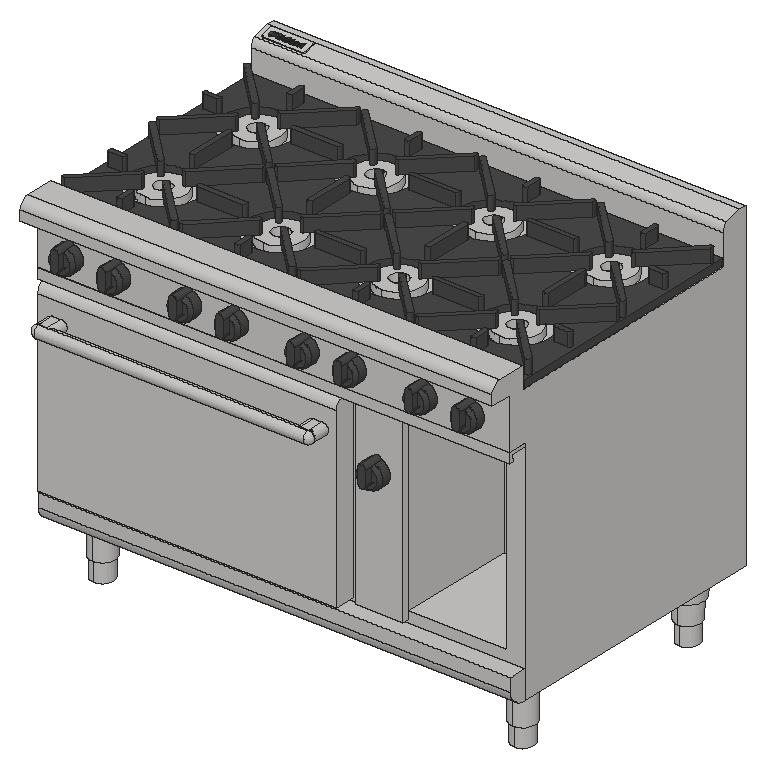
Revit family "QF_MOFFAT WALDORF_RNL8810GC", category Specialty Equipment, Revit 2012 (continued)
Lines and regions (mm)
  Split face 14
    outline origin (270, -16.5, 970) x (0, -0.965926, -0.258819) y (1, 0, 0)
      loop
        line (29.558, 230.5) -> (1.962, 230.5) -> (1.962, 210.5) -> (29.558, 210.5) -> (29.558, 230.5)
  Split face 15
    outline origin (270, -16.5, 970) x (0, -0.965926, -0.258819) y (1, 0, 0)
      loop
        line (29.558, 257.5) -> (1.962, 257.5) -> (1.962, 237.5) -> (29.558, 237.5) -> (29.558, 257.5)
  Split face 16
    outline origin (324, -16.5, 970) x (0, -0.965926, -0.258819) y (1, 0, 0)
      loop
        line (29.558, 230.5) -> (1.962, 230.5) -> (1.962, 210.5) -> (29.558, 210.5) -> (29.558, 230.5)
  Split face 17
    outline origin (324, -16.5, 970) x (0, -0.965926, -0.258819) y (1, 0, 0)
      loop
        line (29.558, 257.5) -> (1.962, 257.5) -> (1.962, 237.5) -> (29.558, 237.5) -> (29.558, 257.5)
  Split face 18
    outline origin (405, -16.5, 970) x (0, -0.965926, -0.258819) y (1, 0, 0)
      loop
        line (29.558, 203.5) -> (1.962, 203.5) -> (1.962, 183.5) -> (29.558, 183.5) -> (29.558, 203.5)
  Split face 19
    outline origin (405, -16.5, 970) x (0, -0.965926, -0.258819) y (1, 0, 0)
      loop
        line (29.558, 230.5) -> (1.962, 230.5) -> (1.962, 210.5) -> (29.558, 210.5) -> (29.558, 230.5)
  Split face 20
    outline origin (405, -16.5, 970) x (0, -0.965926, -0.258819) y (1, 0, 0)
      loop
        line (29.558, 257.5) -> (1.962, 257.5) -> (1.962, 237.5) -> (29.558, 237.5) -> (29.558, 257.5)
  Split face 21
    outline origin (459, -16.5, 970) x (0, -0.965926, -0.258819) y (1, 0, 0)
      loop
        line (29.558, 230.5) -> (1.962, 230.5) -> (1.962, 210.5) -> (29.558, 210.5) -> (29.558, 230.5)
  Split face 22
    outline origin (459, -16.5, 970) x (0, -0.965926, -0.258819) y (1, 0, 0)
      loop
        line (29.558, 257.5) -> (1.962, 257.5) -> (1.962, 237.5) -> (29.558, 237.5) -> (29.558, 257.5)
  Split face 23
    outline origin (540, -16.5, 970) x (0, -0.965926, -0.258819) y (1, 0, 0)
      loop
        line (29.558, 203.5) -> (1.962, 203.5) -> (1.962, 183.5) -> (29.558, 183.5) -> (29.558, 203.5)
  Split face 24
    outline origin (540, -16.5, 970) x (0, -0.965926, -0.258819) y (1, 0, 0)
      loop
        line (29.558, 230.5) -> (1.962, 230.5) -> (1.962, 210.5) -> (29.558, 210.5) -> (29.558, 230.5)
  Split face 25
    outline origin (540, -16.5, 970) x (0, -0.965926, -0.258819) y (1, 0, 0)
      loop
        line (29.558, 257.5) -> (1.962, 257.5) -> (1.962, 237.5) -> (29.558, 237.5) -> (29.558, 257.5)
  Split face 26
    outline origin (594, -16.5, 970) x (0, -0.965926, -0.258819) y (1, 0, 0)
      loop
        line (29.558, 230.5) -> (1.962, 230.5) -> (1.962, 210.5) -> (29.558, 210.5) -> (29.558, 230.5)
  Split face 27
    outline origin (594, -16.5, 970) x (0, -0.965926, -0.258819) y (1, 0, 0)
      loop
        line (29.558, 257.5) -> (1.962, 257.5) -> (1.962, 237.5) -> (29.558, 237.5) -> (29.558, 257.5)
  Split face 28
    outline origin (648, -16.5, 970) x (0, -0.965926, -0.258819) y (1, 0, 0)
      loop
        line (29.558, 230.5) -> (1.962, 230.5) -> (1.962, 210.5) -> (29.558, 210.5) -> (29.558, 230.5)
  Split face 29
    outline origin (648, -16.5, 970) x (0, -0.965926, -0.258819) y (1, 0, 0)
      loop
        line (29.558, 257.5) -> (1.962, 257.5) -> (1.962, 237.5) -> (29.558, 237.5) -> (29.558, 257.5)
  Split face 30
    outline origin (702, -16.5, 970) x (0, -0.965926, -0.258819) y (1, 0, 0)
      loop
        line (29.558, 230.5) -> (1.962, 230.5) -> (1.962, 210.5) -> (29.558, 210.5) -> (29.558, 230.5)
  Split face 31
    outline origin (702, -16.5, 970) x (0, -0.965926, -0.258819) y (1, 0, 0)
      loop
        line (29.558, 257.5) -> (1.962, 257.5) -> (1.962, 237.5) -> (29.558, 237.5) -> (29.558, 257.5)
  Split face 32
    outline origin (756, -16.5, 970) x (0, -0.965926, -0.258819) y (1, 0, 0)
      loop
        line (29.558, 230.5) -> (1.962, 230.5) -> (1.962, 210.5) -> (29.558, 210.5) -> (29.558, 230.5)
  Split face 33
    outline origin (756, -16.5, 970) x (0, -0.965926, -0.258819) y (1, 0, 0)
      loop
        line (29.558, 257.5) -> (1.962, 257.5) -> (1.962, 237.5) -> (29.558, 237.5) -> (29.558, 257.5)
  Split face 34
    outline origin (810, -16.5, 970) x (0, -0.965926, -0.258819) y (1, 0, 0)
      loop
        line (29.558, 230.5) -> (1.962, 230.5) -> (1.962, 210.5) -> (29.558, 210.5) -> (29.558, 230.5)
  Split face 35
    outline origin (810, -16.5, 970) x (0, -0.965926, -0.258819) y (1, 0, 0)
      loop
        line (29.558, 257.5) -> (1.962, 257.5) -> (1.962, 237.5) -> (29.558, 237.5) -> (29.558, 257.5)
  Split face 36
    outline origin (864, -16.5, 970) x (0, -0.965926, -0.258819) y (1, 0, 0)
      loop
        line (29.558, 230.5) -> (1.962, 230.5) -> (1.962, 210.5) -> (29.558, 210.5) -> (29.558, 230.5)
  symbolic lines
    curve 1: line (0, 0, 0) -> (0, -805, 0)
    curve 2: line (1200, 0, 0) -> (0, 0, 0)
    curve 3: line (1200, -805, 0) -> (1200, 0, 0)
    curve 4: line (0, -70, 0) -> (1200, -70, 0)
    curve 5: line (12.5, -51.234, 0) -> (12.5, -20.958, 0)
    curve 6: line (12.5, -20.958, 0) -> (121.5, -20.958, 0)
    curve 7: line (12.5, -51.234, 0) -> (121.5, -51.234, 0)
    curve 8: line (121.5, -20.958, 0) -> (121.5, -51.234, 0)
    curve 9: line (129.583, -22.262, 0) -> (129.583, -50.526, 0)
    curve 10: line (129.583, -50.526, 0) -> (149.583, -50.526, 0)
    curve 11: line (149.583, -50.526, 0) -> (149.583, -22.262, 0)
    curve 12: line (149.583, -22.262, 0) -> (129.583, -22.262, 0)
    curve 13: line (156.5, -22.262, 0) -> (156.5, -50.526, 0)
    curve 14: line (156.5, -50.526, 0) -> (176.5, -50.526, 0)
    curve 15: line (176.5, -50.526, 0) -> (176.5, -22.262, 0)
    curve 16: line (176.5, -22.262, 0) -> (156.5, -22.262, 0)
    curve 17: line (183.5, -22.262, 0) -> (183.5, -50.526, 0)
    curve 18: line (183.5, -50.526, 0) -> (203.5, -50.526, 0)
    curve 19: line (203.5, -50.526, 0) -> (203.5, -22.262, 0)
    curve 20: line (203.5, -22.262, 0) -> (183.5, -22.262, 0)
    curve 21: line (210.5, -22.262, 0) -> (210.5, -50.526, 0)
    curve 22: line (210.5, -50.526, 0) -> (230.5, -50.526, 0)
    curve 23: line (230.5, -50.526, 0) -> (230.5, -22.262, 0)
    curve 24: line (230.5, -22.262, 0) -> (210.5, -22.262, 0)
    curve 25: line (1200, -805, 0) -> (0, -805, 0)
    curve 26: line (237.5, -22.262, 0) -> (237.5, -50.526, 0)
    curve 27: line (237.5, -50.526, 0) -> (257.5, -50.526, 0)
    curve 28: line (257.5, -50.526, 0) -> (257.5, -22.262, 0)
    curve 29: line (257.5, -22.262, 0) -> (237.5, -22.262, 0)
    curve 30: line (1200, -709, 0) -> (0, -709, 0)
    curve 31: line (0, -705.7, 0) -> (1200, -705.7, 0)
    curve 32: line (1200, -72.734, 0) -> (0, -72.734, 0)
    curve 33: arc (22.65, -805, 0) -> (34.104, -815.278, 0) -> (48.889, -819.544, 0) r 34.455
    curve 34: line (48.889, -819.544, 0) -> (718.108, -819.544, 0)
    curve 35: arc (718.108, -819.544, 0) -> (732.653, -815.647, 0) -> (743.3, -805, 0) r 29.089
    curve 36: line (6.08, -94.387, 0) -> (121.515, -209.822, 0)
    curve 37: line (293.92, -94.387, 0) -> (178.485, -209.822, 0)
    curve 38: line (6.08, -380.613, 0) -> (121.515, -265.178, 0)
    curve 39: line (293.92, -380.613, 0) -> (178.485, -265.178, 0)
    curve 40: line (362.78, -237.81, 0) -> (237.78, -237.81, 0)
    curve 41: line (362.78, -537.81, 0) -> (237.78, -537.81, 0)
    curve 42: line (6.08, -394.655, 0) -> (121.515, -510.089, 0)
    curve 43: line (293.92, -394.655, 0) -> (178.485, -510.089, 0)
    curve 44: line (6.08, -680.881, 0) -> (121.515, -565.446, 0)
    curve 45: line (293.92, -680.881, 0) -> (178.485, -565.446, 0)
    curve 46: arc (150, -294.5, 0) -> (207, -237.5, 0) -> (150, -180.5, 0) r 57
    curve 47: arc (150, -180.5, 0) -> (93, -237.5, 0) -> (150, -294.5, 0) r 57
    curve 48: arc (150, -594.5, 0) -> (207, -537.5, 0) -> (150, -480.5, 0) r 57
    curve 49: arc (150, -480.5, 0) -> (93, -537.5, 0) -> (150, -594.5, 0) r 57
    curve 50: line (264.5, -22.262, 0) -> (264.5, -50.526, 0)
    curve 51: line (264.5, -50.526, 0) -> (284.5, -50.526, 0)
    curve 52: line (284.5, -50.526, 0) -> (284.5, -22.262, 0)
    curve 53: line (284.5, -22.262, 0) -> (264.5, -22.262, 0)
    curve 54: line (291.5, -22.262, 0) -> (291.5, -50.526, 0)
    curve 55: line (291.5, -50.526, 0) -> (311.5, -50.526, 0)
    curve 56: line (311.5, -50.526, 0) -> (311.5, -22.262, 0)
    curve 57: line (311.5, -22.262, 0) -> (291.5, -22.262, 0)
    curve 58: line (318.5, -22.262, 0) -> (318.5, -50.526, 0)
    curve 59: line (318.5, -50.526, 0) -> (338.5, -50.526, 0)
    curve 60: line (338.5, -50.526, 0) -> (338.5, -22.262, 0)
    curve 61: line (338.5, -22.262, 0) -> (318.5, -22.262, 0)
    curve 62: line (345.5, -22.262, 0) -> (345.5, -50.526, 0)
    curve 63: line (345.5, -50.526, 0) -> (365.5, -50.526, 0)
    curve 64: line (365.5, -50.526, 0) -> (365.5, -22.262, 0)
    curve 65: line (365.5, -22.262, 0) -> (345.5, -22.262, 0)
    curve 66: line (372.5, -22.262, 0) -> (372.5, -50.526, 0)
    curve 67: line (372.5, -50.526, 0) -> (392.5, -50.526, 0)
    curve 68: line (392.5, -50.526, 0) -> (392.5, -22.262, 0)
    curve 69: line (392.5, -22.262, 0) -> (372.5, -22.262, 0)
    curve 70: line (399.5, -22.262, 0) -> (399.5, -50.526, 0)
    curve 71: line (399.5, -50.526, 0) -> (419.5, -50.526, 0)
    curve 72: line (419.5, -50.526, 0) -> (419.5, -22.262, 0)
    curve 73: line (419.5, -22.262, 0) -> (399.5, -22.262, 0)
    curve 74: line (426.5, -22.262, 0) -> (426.5, -50.526, 0)
    curve 75: line (426.5, -50.526, 0) -> (446.5, -50.526, 0)
    curve 76: line (446.5, -50.526, 0) -> (446.5, -22.262, 0)
    curve 77: line (446.5, -22.262, 0) -> (426.5, -22.262, 0)
    curve 78: line (453.5, -22.262, 0) -> (453.5, -50.526, 0)
    curve 79: line (453.5, -50.526, 0) -> (473.5, -50.526, 0)
    curve 80: line (473.5, -50.526, 0) -> (473.5, -22.262, 0)
    curve 81: line (473.5, -22.262, 0) -> (453.5, -22.262, 0)
    curve 82: line (480.5, -22.262, 0) -> (480.5, -50.526, 0)
    curve 83: line (480.5, -50.526, 0) -> (500.5, -50.526, 0)
    curve 84: line (500.5, -50.526, 0) -> (500.5, -22.262, 0)
    curve 85: line (500.5, -22.262, 0) -> (480.5, -22.262, 0)
    curve 86: line (507.5, -22.262, 0) -> (507.5, -50.526, 0)
    curve 87: line (507.5, -50.526, 0) -> (527.5, -50.526, 0)
    curve 88: line (527.5, -50.526, 0) -> (527.5, -22.262, 0)
    curve 89: line (527.5, -22.262, 0) -> (507.5, -22.262, 0)
    curve 90: line (534.5, -22.262, 0) -> (534.5, -50.526, 0)
    curve 91: line (534.5, -50.526, 0) -> (554.5, -50.526, 0)
    curve 92: line (554.5, -50.526, 0) -> (554.5, -22.262, 0)
    curve 93: line (554.5, -22.262, 0) -> (534.5, -22.262, 0)
    curve 94: line (561.5, -22.262, 0) -> (561.5, -50.526, 0)
    curve 95: line (561.5, -50.526, 0) -> (581.5, -50.526, 0)
    curve 96: line (581.5, -50.526, 0) -> (581.5, -22.262, 0)
    curve 97: line (581.5, -22.262, 0) -> (561.5, -22.262, 0)
    curve 98: line (588.5, -22.262, 0) -> (588.5, -50.526, 0)
    curve 99: line (588.5, -50.526, 0) -> (608.5, -50.526, 0)
    curve 100: line (608.5, -50.526, 0) -> (608.5, -22.262, 0)
    curve 101: line (608.5, -22.262, 0) -> (588.5, -22.262, 0)
    curve 102: line (615.5, -22.262, 0) -> (615.5, -50.526, 0)
    curve 103: line (615.5, -50.526, 0) -> (635.5, -50.526, 0)
    curve 104: line (635.5, -50.526, 0) -> (635.5, -22.262, 0)
    curve 105: line (635.5, -22.262, 0) -> (615.5, -22.262, 0)
    curve 106: line (642.5, -22.262, 0) -> (642.5, -50.526, 0)
    curve 107: line (642.5, -50.526, 0) -> (662.5, -50.526, 0)
    curve 108: line (662.5, -50.526, 0) -> (662.5, -22.262, 0)
    curve 109: line (662.5, -22.262, 0) -> (642.5, -22.262, 0)
    curve 110: line (669.5, -22.262, 0) -> (669.5, -50.526, 0)
    curve 111: line (669.5, -50.526, 0) -> (689.5, -50.526, 0)
    curve 112: line (689.5, -50.526, 0) -> (689.5, -22.262, 0)
    curve 113: line (689.5, -22.262, 0) -> (669.5, -22.262, 0)
    curve 114: line (696.5, -22.262, 0) -> (696.5, -50.526, 0)
    curve 115: line (696.5, -50.526, 0) -> (716.5, -50.526, 0)
    curve 116: line (716.5, -50.526, 0) -> (716.5, -22.262, 0)
    curve 117: line (716.5, -22.262, 0) -> (696.5, -22.262, 0)
    curve 118: line (723.5, -22.262, 0) -> (723.5, -50.526, 0)
    curve 119: line (723.5, -50.526, 0) -> (743.5, -50.526, 0)
    curve 120: line (743.5, -50.526, 0) -> (743.5, -22.262, 0)
    curve 121: line (743.5, -22.262, 0) -> (723.5, -22.262, 0)
    curve 122: line (750.5, -22.262, 0) -> (750.5, -50.526, 0)
    curve 123: line (750.5, -50.526, 0) -> (770.5, -50.526, 0)
    curve 124: line (770.5, -50.526, 0) -> (770.5, -22.262, 0)
    curve 125: line (770.5, -22.262, 0) -> (750.5, -22.262, 0)
    curve 126: line (777.5, -22.262, 0) -> (777.5, -50.526, 0)
    curve 127: line (777.5, -50.526, 0) -> (797.5, -50.526, 0)
    curve 128: line (797.5, -50.526, 0) -> (797.5, -22.262, 0)
    curve 129: line (797.5, -22.262, 0) -> (777.5, -22.262, 0)
    curve 130: line (804.5, -22.262, 0) -> (804.5, -50.526, 0)
    curve 131: line (804.5, -50.526, 0) -> (824.5, -50.526, 0)
    curve 132: line (824.5, -50.526, 0) -> (824.5, -22.262, 0)
    curve 133: line (824.5, -22.262, 0) -> (804.5, -22.262, 0)
    curve 134: line (831.5, -22.262, 0) -> (831.5, -50.526, 0)
    curve 135: line (831.5, -50.526, 0) -> (851.5, -50.526, 0)
    curve 136: line (851.5, -50.526, 0) -> (851.5, -22.262, 0)
    curve 137: line (851.5, -22.262, 0) -> (831.5, -22.262, 0)
    curve 138: line (858.5, -22.262, 0) -> (858.5, -50.526, 0)
    curve 139: line (858.5, -50.526, 0) -> (878.5, -50.526, 0)
    curve 140: line (878.5, -50.526, 0) -> (878.5, -22.262, 0)
    curve 141: line (878.5, -22.262, 0) -> (858.5, -22.262, 0)
    curve 142: line (885.5, -22.262, 0) -> (885.5, -50.526, 0)
    curve 143: line (885.5, -50.526, 0) -> (905.5, -50.526, 0)
    curve 144: line (905.5, -50.526, 0) -> (905.5, -22.262, 0)
    curve 145: line (905.5, -22.262, 0) -> (885.5, -22.262, 0)
    curve 146: line (912.5, -22.262, 0) -> (912.5, -50.526, 0)
    curve 147: line (912.5, -50.526, 0) -> (932.5, -50.526, 0)
    curve 148: line (932.5, -50.526, 0) -> (932.5, -22.262, 0)
    curve 149: line (932.5, -22.262, 0) -> (912.5, -22.262, 0)
    curve 150: line (939.5, -22.262, 0) -> (939.5, -50.526, 0)
    curve 151: line (939.5, -50.526, 0) -> (959.5, -50.526, 0)
    curve 152: line (959.5, -50.526, 0) -> (959.5, -22.262, 0)
    curve 153: line (959.5, -22.262, 0) -> (939.5, -22.262, 0)
    curve 154: line (966.5, -22.262, 0) -> (966.5, -50.526, 0)
    curve 155: line (966.5, -50.526, 0) -> (986.5, -50.526, 0)
    curve 156: line (986.5, -50.526, 0) -> (986.5, -22.262, 0)
    curve 157: line (986.5, -22.262, 0) -> (966.5, -22.262, 0)
    curve 158: line (993.5, -22.262, 0) -> (993.5, -50.526, 0)
    curve 159: line (993.5, -50.526, 0) -> (1013.5, -50.526, 0)
    curve 160: line (1013.5, -50.526, 0) -> (1013.5, -22.262, 0)
    curve 161: line (1013.5, -22.262, 0) -> (993.5, -22.262, 0)
    curve 162: line (1020.5, -22.262, 0) -> (1020.5, -50.526, 0)
    curve 163: line (1020.5, -50.526, 0) -> (1040.5, -50.526, 0)
    curve 164: line (1040.5, -50.526, 0) -> (1040.5, -22.262, 0)
    curve 165: line (1040.5, -22.262, 0) -> (1020.5, -22.262, 0)
    curve 166: line (1047.5, -22.262, 0) -> (1047.5, -50.526, 0)
    curve 167: line (1047.5, -50.526, 0) -> (1067.5, -50.526, 0)
    curve 168: line (1067.5, -50.526, 0) -> (1067.5, -22.262, 0)
    curve 169: line (1067.5, -22.262, 0) -> (1047.5, -22.262, 0)
    curve 170: line (1074.5, -22.262, 0) -> (1074.5, -50.526, 0)
    curve 171: line (1074.5, -50.526, 0) -> (1094.5, -50.526, 0)
    curve 172: line (1094.5, -50.526, 0) -> (1094.5, -22.262, 0)
    curve 173: line (1094.5, -22.262, 0) -> (1074.5, -22.262, 0)
    curve 174: line (1101.5, -22.262, 0) -> (1101.5, -50.526, 0)
    curve 175: line (1101.5, -50.526, 0) -> (1121.5, -50.526, 0)
    curve 176: line (1121.5, -50.526, 0) -> (1121.5, -22.262, 0)
    curve 177: line (1121.5, -22.262, 0) -> (1101.5, -22.262, 0)
    curve 178: line (306.08, -94.387, 0) -> (421.515, -209.822, 0)
    curve 179: line (593.92, -94.387, 0) -> (478.485, -209.822, 0)
    curve 180: line (306.08, -380.613, 0) -> (421.515, -265.178, 0)
    curve 181: line (593.92, -380.613, 0) -> (478.485, -265.178, 0)
    curve 182: line (662.78, -237.81, 0) -> (537.78, -237.81, 0)
    curve 183: arc (450, -294.5, 0) -> (507, -237.5, 0) -> (450, -180.5, 0) r 57
    curve 184: arc (450, -180.5, 0) -> (393, -237.5, 0) -> (450, -294.5, 0) r 57
    curve 185: arc (750, -294.5, 0) -> (807, -237.5, 0) -> (750, -180.5, 0) r 57
    curve 186: arc (750, -180.5, 0) -> (693, -237.5, 0) -> (750, -294.5, 0) r 57
    curve 187: arc (1050, -294.5, 0) -> (1107, -237.5, 0) -> (1050, -180.5, 0) r 57
    curve 188: arc (1050, -180.5, 0) -> (993, -237.5, 0) -> (1050, -294.5, 0) r 57
    curve 189: line (606.08, -94.387, 0) -> (721.515, -209.822, 0)
    curve 190: line (893.92, -94.387, 0) -> (778.485, -209.822, 0)
    curve 191: line (606.08, -380.613, 0) -> (721.515, -265.178, 0)
    curve 192: line (893.92, -380.613, 0) -> (778.485, -265.178, 0)
    curve 193: line (962.78, -237.81, 0) -> (837.78, -237.81, 0)
    curve 194: line (906.08, -94.387, 0) -> (1021.515, -209.822, 0)
    curve 195: line (1193.92, -94.387, 0) -> (1078.485, -209.822, 0)
    curve 196: line (906.08, -380.613, 0) -> (1021.515, -265.178, 0)
    curve 197: line (1193.92, -380.613, 0) -> (1078.485, -265.178, 0)
    curve 198: line (906.08, -394.387, 0) -> (1021.515, -509.822, 0)
    curve 199: line (1193.92, -394.387, 0) -> (1078.485, -509.822, 0)
    curve 200: line (906.08, -680.613, 0) -> (1021.515, -565.178, 0)
    curve 201: line (1193.92, -680.613, 0) -> (1078.485, -565.178, 0)
    curve 202: line (306.08, -394.655, 0) -> (421.515, -510.089, 0)
    curve 203: line (593.92, -394.655, 0) -> (478.485, -510.089, 0)
    curve 204: line (306.08, -680.881, 0) -> (421.515, -565.446, 0)
    curve 205: line (593.92, -680.881, 0) -> (478.485, -565.446, 0)
    curve 206: line (606.08, -394.655, 0) -> (721.515, -510.089, 0)
    curve 207: line (893.92, -394.655, 0) -> (778.485, -510.089, 0)
    curve 208: line (606.08, -680.881, 0) -> (721.515, -565.446, 0)
    curve 209: line (893.92, -680.881, 0) -> (778.485, -565.446, 0)
    curve 210: line (149.618, -450.258, 0) -> (149.618, -325.258, 0)
    curve 211: line (449.618, -450.258, 0) -> (449.618, -325.258, 0)
    curve 212: line (749.618, -450.258, 0) -> (749.618, -325.258, 0)
    curve 213: line (1049.618, -450.258, 0) -> (1049.618, -325.258, 0)
    curve 214: line (662.78, -537.81, 0) -> (537.78, -537.81, 0)
    curve 215: line (962.78, -537.81, 0) -> (837.78, -537.81, 0)
    curve 216: line (149.197, -139.807, 0) -> (149.197, -94.807, 0)
    curve 217: line (149.197, -674.807, 0) -> (149.197, -634.807, 0)
    curve 218: line (449.197, -139.807, 0) -> (449.197, -94.807, 0)
    curve 219: line (449.197, -674.807, 0) -> (449.197, -634.807, 0)
    curve 220: line (749.197, -139.807, 0) -> (749.197, -94.807, 0)
    curve 221: line (749.197, -674.807, 0) -> (749.197, -634.807, 0)
    curve 222: line (1049.197, -139.807, 0) -> (1049.197, -94.807, 0)
    curve 223: line (1049.197, -674.807, 0) -> (1049.197, -634.807, 0)
    curve 224: line (49.678, -236.51, 0) -> (14.678, -236.51, 0)
    curve 225: line (49.678, -536.51, 0) -> (14.678, -536.51, 0)
    curve 226: line (1150.322, -236.51, 0) -> (1185.322, -236.51, 0)
    curve 227: line (1150.322, -536.51, 0) -> (1185.322, -536.51, 0)
    curve 231: arc (450, -480.5, 0) -> (393, -537.5, 0) -> (450, -594.5, 0) r 57
    curve 232: arc (450, -594.5, 0) -> (507, -537.5, 0) -> (450, -480.5, 0) r 57
    curve 233: arc (750, -480.5, 0) -> (693, -537.5, 0) -> (750, -594.5, 0) r 57
    curve 234: arc (750, -594.5, 0) -> (807, -537.5, 0) -> (750, -480.5, 0) r 57
    curve 235: arc (1050, -480.5, 0) -> (993, -537.5, 0) -> (1050, -594.5, 0) r 57
    curve 236: arc (1050, -594.5, 0) -> (1107, -537.5, 0) -> (1050, -480.5, 0) r 57
    curve 237: arc (150, -152.5, 0) -> (235, -237.5, 0) -> (150, -322.5, 0) r 85
    curve 238: arc (150, -322.5, 0) -> (65, -237.5, 0) -> (150, -152.5, 0) r 85
    curve 239: arc (450, -322.5, 0) -> (365, -237.5, 0) -> (450, -152.5, 0) r 85
    curve 240: arc (450, -152.5, 0) -> (535, -237.5, 0) -> (450, -322.5, 0) r 85
    curve 241: arc (750, -322.5, 0) -> (665, -237.5, 0) -> (750, -152.5, 0) r 85
    curve 242: arc (750, -152.5, 0) -> (835, -237.5, 0) -> (750, -322.5, 0) r 85
    curve 243: arc (1050, -322.5, 0) -> (965, -237.5, 0) -> (1050, -152.5, 0) r 85
    curve 244: arc (1050, -152.5, 0) -> (1135, -237.5, 0) -> (1050, -322.5, 0) r 85
    curve 245: arc (1050, -622.768, 0) -> (965, -537.768, 0) -> (1050, -452.768, 0) r 85
    curve 246: arc (1050, -452.768, 0) -> (1135, -537.768, 0) -> (1050, -622.768, 0) r 85
    curve 247: arc (750, -452.768, 0) -> (835, -537.768, 0) -> (750, -622.768, 0) r 85
    curve 248: arc (750, -622.768, 0) -> (665, -537.768, 0) -> (750, -452.768, 0) r 85
    curve 249: arc (450, -452.768, 0) -> (535, -537.768, 0) -> (450, -622.768, 0) r 85
    curve 250: arc (450, -622.768, 0) -> (365, -537.768, 0) -> (450, -452.768, 0) r 85
    curve 251: arc (150, -452.768, 0) -> (235, -537.768, 0) -> (150, -622.768, 0) r 85
    curve 252: arc (150, -622.768, 0) -> (65, -537.768, 0) -> (150, -452.768, 0) r 85
    curve 253: line (300.563, -72.734, 0) -> (300.563, -705.7, 0)
    curve 254: line (600, -72.734, 0) -> (600, -705.7, 0)
    curve 255: line (0, -387.5, 0) -> (1200, -387.5, 0)
    curve 256: line (900, -72.734, 0) -> (900, -705.7, 0)
    curve 257: arc (150, -515.5, 0) -> (172, -537.5, 0) -> (150, -559.5, 0) r 22
    curve 258: arc (150, -559.5, 0) -> (128, -537.5, 0) -> (150, -515.5, 0) r 22
    curve 259: arc (150, -215.5, 0) -> (172, -237.5, 0) -> (150, -259.5, 0) r 22
    curve 260: arc (150, -259.5, 0) -> (128, -237.5, 0) -> (150, -215.5, 0) r 22
    curve 261: arc (450, -215.5, 0) -> (472, -237.5, 0) -> (450, -259.5, 0) r 22
    curve 262: arc (450, -259.5, 0) -> (428, -237.5, 0) -> (450, -215.5, 0) r 22
    curve 263: arc (450, -515.5, 0) -> (472, -537.5, 0) -> (450, -559.5, 0) r 22
    curve 264: arc (450, -559.5, 0) -> (428, -537.5, 0) -> (450, -515.5, 0) r 22
    curve 265: arc (750, -215.5, 0) -> (772, -237.5, 0) -> (750, -259.5, 0) r 22
    curve 266: arc (750, -259.5, 0) -> (728, -237.5, 0) -> (750, -215.5, 0) r 22
    curve 267: arc (750, -515.5, 0) -> (772, -537.5, 0) -> (750, -559.5, 0) r 22
    curve 268: arc (750, -559.5, 0) -> (728, -537.5, 0) -> (750, -515.5, 0) r 22
    curve 269: arc (1050, -215.5, 0) -> (1072, -237.5, 0) -> (1050, -259.5, 0) r 22
    curve 270: arc (1050, -259.5, 0) -> (1028, -237.5, 0) -> (1050, -215.5, 0) r 22
    curve 271: arc (1050, -515.5, 0) -> (1072, -537.5, 0) -> (1050, -559.5, 0) r 22
    curve 272: arc (1050, -559.5, 0) -> (1028, -537.5, 0) -> (1050, -515.5, 0) r 22
  symbolic lines, style "QF_Door-Drawer Clearances", visible <- "Show Clearance"
    curve 228: line (0, -1218.847, 0) -> (760, -1218.847, 0)
    curve 229: line (760, -1218.847, 0) -> (760, -805, 0)
    curve 230: line (0, -1218.847, 0) -> (0, -805, 0)
Dimensions and locks
  equal spacing: plane 3 "LEFT", plane 7 "Center Y", plane 4 "RIGHT"
  "Width": plane 3 "LEFT" to plane 4 "RIGHT"
  equal spacing: plane 5 "FRONT", plane 8 "Center X", plane 1 "BACK"
  plane 5 "FRONT" to plane 1 "BACK" = 805 mm  (x2)
  equal spacing: plane 4 "RIGHT", plane 7 "Center Y", plane 3 "LEFT"
  plane 4 "RIGHT" to plane 3 "LEFT" = 1200 mm
  "Height": plane 6 "TOP" to level
  plane 10 to plane 1 "BACK" = 574.272 mm
  plane 12 to plane 1 "BACK" = 304.972 mm  (x2)
  plane 11 to plane 3 "LEFT" = 60 mm
  plane 14 to plane 3 "LEFT" = 74 mm
  plane 9 to plane 3 "LEFT" = 280 mm
  "Depth": plane 1 "BACK" to plane 15
  plane 15 to plane 5 "FRONT" = 0 mm
  plane 6 "TOP" to plane 2 = 970 mm
  locked: plane 2 to Extrusion 1 sketch curve at 861.8
  locked: plane 2 to Extrusion 1 sketch curve at 915
  locked: plane 4 "RIGHT" to plane 16 at 65.5
  Extrusion 10 sketch curve to plane 20 = 64.8 mm
  aligned and locked: level to plane 2
  aligned and locked: curve 3 to plane 4 "RIGHT"
  aligned and locked: Extrusion 1 to plane 4 "RIGHT"
  aligned and locked: plane 16 to Revolve 5
  aligned and locked: plane 16 to Revolve 4
  aligned and locked: plane 4 "RIGHT" to Extrusion 10 sketch curve
Automatic sketch dimensions
  plane 18 to Extrusion 2 sketch curve = 21 mm
  Extrusion 2 sketch curve to plane 5 "FRONT" = 56 mm
  Extrusion 2 sketch curve to Extrusion 2 sketch curve = 24 mm
  Extrusion 2 sketch curve to Extrusion 2 sketch curve = 50 mm
  level to Extrusion 2 sketch curve = 227.5 mm
  Extrusion 3 sketch curve to Extrusion 3 sketch curve = 15 mm
  level to Extrusion 3 sketch curve = 227.5 mm
  Revolve 4 sketch curve to level = 0 mm
  Revolve 4 sketch curve to plane 17 = 110.753 mm
  Revolve 4 sketch curve to Revolve 4 sketch curve = 4.159 mm
  Revolve 4 sketch curve to Revolve 4 sketch curve = 5.012 mm
  Revolve 4 sketch curve to Revolve 4 sketch curve = 1.832 mm
  Revolve 4 sketch curve to Revolve 4 sketch curve = 4.25 mm
  Revolve 4 sketch curve to Revolve 4 sketch curve = 42.753 mm
  Revolve 4 sketch curve to Revolve 4 sketch curve = 0 mm  (x2)
  level to Revolve 4 sketch curve = 50 mm
  Revolve 4 sketch curve to Revolve 4 sketch curve = 52.468 mm
  Revolve 4 sketch curve to Revolve 4 sketch curve = 47.532 mm
  Revolve 4 sketch curve to Revolve 4 sketch curve = 55 mm
  Revolve 5 sketch curve to level = 0 mm
  Revolve 5 sketch curve to plane 10 = 82.478 mm
  Revolve 5 sketch curve to Revolve 5 sketch curve = 4.25 mm
  Revolve 5 sketch curve to Revolve 5 sketch curve = 27.5 mm  (x2)
  level to Revolve 5 sketch curve = 50 mm
  Revolve 5 sketch curve to Revolve 5 sketch curve = 0 mm
  Revolve 5 sketch curve to Revolve 5 sketch curve = 100 mm
  Revolve 5 sketch curve to Revolve 5 sketch curve = 55 mm
  Revolve 6 sketch curve to level = 0 mm
  Revolve 6 sketch curve to plane 17 = 110.753 mm
  Revolve 6 sketch curve to Revolve 6 sketch curve = 0 mm  (x3)
  Revolve 6 sketch curve to Revolve 6 sketch curve = 4.159 mm
  Revolve 6 sketch curve to Revolve 6 sketch curve = 5.012 mm
  Revolve 6 sketch curve to Revolve 6 sketch curve = 1.832 mm
  Revolve 6 sketch curve to Revolve 6 sketch curve = 4.25 mm
  Revolve 6 sketch curve to Revolve 6 sketch curve = 42.753 mm
  Revolve 6 sketch curve to level = 55 mm
  Revolve 6 sketch curve to Revolve 6 sketch curve = 50 mm
  Revolve 6 sketch curve to Revolve 6 sketch curve = 52.468 mm
  Revolve 6 sketch curve to Revolve 6 sketch curve = 47.532 mm
  Revolve 7 sketch curve to level = 0 mm
  Revolve 7 sketch curve to plane 10 = 82.478 mm
  Revolve 7 sketch curve to Revolve 7 sketch curve = 4.25 mm
  Revolve 7 sketch curve to Revolve 7 sketch curve = 27.5 mm  (x2)
  Revolve 7 sketch curve to level = 55 mm
  Revolve 7 sketch curve to Revolve 7 sketch curve = 50 mm
  Revolve 7 sketch curve to Revolve 7 sketch curve = 0 mm
  Revolve 7 sketch curve to Revolve 7 sketch curve = 100 mm
  plane 17 to Extrusion 8 sketch curve = 0 mm
  Extrusion 8 sketch curve to plane 16 = 64.5 mm
  Revolve 11 sketch curve to plane 5 "FRONT" = 12 mm
  Revolve 11 sketch curve to Revolve 11 sketch curve = 0 mm  (x2)
  Revolve 11 sketch curve to Revolve 11 sketch curve = 11 mm
  Revolve 11 sketch curve to Revolve 11 sketch curve = 12.7 mm
  Revolve 11 sketch curve to Revolve 11 sketch curve = 23 mm
  Revolve 11 sketch curve to Revolve 11 sketch curve = 10 mm
  plane 18 to Revolve 11 sketch curve = 141.882 mm
  Revolve 11 sketch curve to Revolve 11 sketch curve = 5 mm
  Revolve 11 sketch curve to Revolve 11 sketch curve = 26.651 mm
  Revolve 11 sketch curve to Revolve 11 sketch curve = 5.849 mm
  Revolve 12 sketch curve to plane 5 "FRONT" = 12 mm
  Revolve 12 sketch curve to Revolve 12 sketch curve = 0 mm  (x2)
  Revolve 12 sketch curve to Revolve 12 sketch curve = 11 mm
  Revolve 12 sketch curve to Revolve 12 sketch curve = 12.7 mm
  Revolve 12 sketch curve to Revolve 12 sketch curve = 23 mm
  Revolve 12 sketch curve to Revolve 12 sketch curve = 10 mm
  plane 18 to Revolve 12 sketch curve = 141.882 mm
  Revolve 12 sketch curve to Revolve 12 sketch curve = 5 mm
  Revolve 12 sketch curve to Revolve 12 sketch curve = 26.651 mm
  Revolve 12 sketch curve to Revolve 12 sketch curve = 5.849 mm
  Revolve 13 sketch curve to plane 5 "FRONT" = 12 mm
  Revolve 13 sketch curve to Revolve 13 sketch curve = 0 mm  (x2)
  Revolve 13 sketch curve to Revolve 13 sketch curve = 11 mm
  Revolve 13 sketch curve to Revolve 13 sketch curve = 12.7 mm
  Revolve 13 sketch curve to Revolve 13 sketch curve = 23 mm
  Revolve 13 sketch curve to Revolve 13 sketch curve = 10 mm
  plane 18 to Revolve 13 sketch curve = 174.382 mm
  Revolve 13 sketch curve to Revolve 13 sketch curve = 5.849 mm
  Revolve 13 sketch curve to Revolve 13 sketch curve = 27.5 mm
  Revolve 13 sketch curve to Revolve 13 sketch curve = 5 mm
  Revolve 14 sketch curve to plane 5 "FRONT" = 12 mm
  Revolve 14 sketch curve to Revolve 14 sketch curve = 0 mm  (x2)
  Revolve 14 sketch curve to Revolve 14 sketch curve = 11 mm
  Revolve 14 sketch curve to Revolve 14 sketch curve = 12.7 mm
  Revolve 14 sketch curve to Revolve 14 sketch curve = 23 mm
  Revolve 14 sketch curve to Revolve 14 sketch curve = 10 mm
  plane 18 to Revolve 14 sketch curve = 174.382 mm
  Revolve 14 sketch curve to Revolve 14 sketch curve = 5.849 mm
  Revolve 14 sketch curve to Revolve 14 sketch curve = 27.5 mm
  Revolve 14 sketch curve to Revolve 14 sketch curve = 5 mm
  Revolve 15 sketch curve to plane 5 "FRONT" = 12 mm
  Revolve 15 sketch curve to Revolve 15 sketch curve = 0 mm  (x2)
  Revolve 15 sketch curve to Revolve 15 sketch curve = 11 mm
  Revolve 15 sketch curve to Revolve 15 sketch curve = 12.7 mm
  Revolve 15 sketch curve to Revolve 15 sketch curve = 23 mm
  Revolve 15 sketch curve to Revolve 15 sketch curve = 10 mm
  plane 18 to Revolve 15 sketch curve = 174.382 mm
  Revolve 15 sketch curve to Revolve 15 sketch curve = 5.849 mm
  Revolve 15 sketch curve to Revolve 15 sketch curve = 27.5 mm
  Revolve 15 sketch curve to Revolve 15 sketch curve = 5 mm
  Revolve 16 sketch curve to plane 5 "FRONT" = 12 mm
  Revolve 16 sketch curve to Revolve 16 sketch curve = 0 mm  (x2)
  Revolve 16 sketch curve to Revolve 16 sketch curve = 11 mm
  Revolve 16 sketch curve to Revolve 16 sketch curve = 12.7 mm
  Revolve 16 sketch curve to Revolve 16 sketch curve = 23 mm
  Revolve 16 sketch curve to Revolve 16 sketch curve = 10 mm
  plane 18 to Revolve 16 sketch curve = 174.382 mm
  Revolve 16 sketch curve to Revolve 16 sketch curve = 5.849 mm
  Revolve 16 sketch curve to Revolve 16 sketch curve = 27.5 mm
  Revolve 16 sketch curve to Revolve 16 sketch curve = 5 mm
  Revolve 17 sketch curve to plane 5 "FRONT" = 12 mm
  Revolve 17 sketch curve to Revolve 17 sketch curve = 0 mm  (x2)
  Revolve 17 sketch curve to Revolve 17 sketch curve = 11 mm
  Revolve 17 sketch curve to Revolve 17 sketch curve = 12.7 mm
  Revolve 17 sketch curve to Revolve 17 sketch curve = 23 mm
  Revolve 17 sketch curve to Revolve 17 sketch curve = 10 mm
  plane 18 to Revolve 17 sketch curve = 141.882 mm
  Revolve 17 sketch curve to Revolve 17 sketch curve = 5 mm
  Revolve 17 sketch curve to Revolve 17 sketch curve = 26.651 mm
  Revolve 17 sketch curve to Revolve 17 sketch curve = 5.849 mm
  Revolve 18 sketch curve to plane 5 "FRONT" = 12 mm
  Revolve 18 sketch curve to Revolve 18 sketch curve = 0 mm  (x2)
  Revolve 18 sketch curve to Revolve 18 sketch curve = 11 mm
  Revolve 18 sketch curve to Revolve 18 sketch curve = 12.7 mm
  Revolve 18 sketch curve to Revolve 18 sketch curve = 23 mm
  Revolve 18 sketch curve to Revolve 18 sketch curve = 10 mm
  plane 18 to Revolve 18 sketch curve = 141.882 mm
  Revolve 18 sketch curve to Revolve 18 sketch curve = 5 mm
  Revolve 18 sketch curve to Revolve 18 sketch curve = 26.651 mm
  Revolve 18 sketch curve to Revolve 18 sketch curve = 5.849 mm
  plane 14 to Extrusion 19 sketch curve = 25.844 mm
  plane 14 to Extrusion 19 sketch curve = 15.844 mm
  plane 18 to Extrusion 19 sketch curve = 168.882 mm
  Extrusion 19 sketch curve to Extrusion 19 sketch curve = 35 mm
  Extrusion 20 sketch curve to plane 9 = 59.844 mm
  Extrusion 20 sketch curve to Extrusion 20 sketch curve = 10 mm
  plane 18 to Extrusion 20 sketch curve = 168.882 mm
  Extrusion 20 sketch curve to Extrusion 20 sketch curve = 35 mm
  plane 9 to Extrusion 21 sketch curve = 120.132 mm
  Extrusion 21 sketch curve to Extrusion 21 sketch curve = 10 mm
  plane 18 to Extrusion 21 sketch curve = 168.882 mm
  Extrusion 21 sketch curve to Extrusion 21 sketch curve = 35 mm
  Extrusion 22 sketch curve to plane 7 "Center Y" = 79.868 mm
  Extrusion 22 sketch curve to Extrusion 22 sketch curve = 10 mm
  plane 18 to Extrusion 22 sketch curve = 168.882 mm
  Extrusion 22 sketch curve to Extrusion 22 sketch curve = 35 mm
  plane 7 "Center Y" to Extrusion 23 sketch curve = 100.108 mm
  Extrusion 23 sketch curve to Extrusion 23 sketch curve = 10 mm
  plane 18 to Extrusion 23 sketch curve = 168.882 mm
  Extrusion 23 sketch curve to Extrusion 23 sketch curve = 35 mm
  plane 7 "Center Y" to Extrusion 24 sketch curve = 220.108 mm
  Extrusion 24 sketch curve to Extrusion 24 sketch curve = 10 mm
  plane 18 to Extrusion 24 sketch curve = 168.882 mm
  Extrusion 24 sketch curve to Extrusion 24 sketch curve = 35 mm
  Extrusion 25 sketch curve to plane 16 = 134.417 mm
  Extrusion 25 sketch curve to Extrusion 25 sketch curve = 10 mm
  plane 18 to Extrusion 25 sketch curve = 168.882 mm
  Extrusion 25 sketch curve to Extrusion 25 sketch curve = 35 mm
  Extrusion 26 sketch curve to plane 16 = 14.417 mm
  Extrusion 26 sketch curve to Extrusion 26 sketch curve = 10 mm
  plane 18 to Extrusion 26 sketch curve = 168.882 mm
  Extrusion 26 sketch curve to Extrusion 26 sketch curve = 35 mm
  Revolve 27 sketch curve to plane 5 "FRONT" = 54.5 mm
  Revolve 27 sketch curve to Revolve 27 sketch curve = 0 mm  (x2)
  Revolve 27 sketch curve to Revolve 27 sketch curve = 11 mm
  Revolve 27 sketch curve to Revolve 27 sketch curve = 12.7 mm
  Revolve 27 sketch curve to Revolve 27 sketch curve = 23 mm
  Revolve 27 sketch curve to Revolve 27 sketch curve = 10 mm
  Revolve 27 sketch curve to plane 18 = 103.883 mm
  Revolve 27 sketch curve to Revolve 27 sketch curve = 5 mm
  Revolve 27 sketch curve to Revolve 27 sketch curve = 26.651 mm
  Revolve 27 sketch curve to Revolve 27 sketch curve = 5.849 mm
  Extrusion 28 sketch curve to plane 18 = 76.883 mm
  plane 7 "Center Y" to Extrusion 28 sketch curve = 227.344 mm
  Extrusion 28 sketch curve to Extrusion 28 sketch curve = 10 mm
  Extrusion 28 sketch curve to Extrusion 28 sketch curve = 35 mm
  plane 5 "FRONT" to Extrusion 30 sketch curve = 413.847 mm
  plane 18 to Extrusion 30 sketch curve = 42.347 mm
  Extrusion 30 sketch curve to plane 5 "FRONT" = 56 mm
  curve 46 to curve 238 = 0 mm
  curve 47 to curve 237 = 0 mm
  curve 183 to curve 240 = 0 mm
  curve 184 to curve 240 = 0 mm
  curve 185 to curve 241 = 0 mm
  curve 186 to curve 241 = 0 mm
  curve 187 to curve 243 = 0 mm  (x2)
  plane 1 "BACK" to curve 1 = 0 mm
  curve 1 to plane 3 "LEFT" = 0 mm
  plane 5 "FRONT" to curve 33 = 0 mm
  curve 254 to plane 7 "Center Y" = 0 mm
  plane 3 "LEFT" to curve 36 = 6.08 mm
  plane 3 "LEFT" to curve 38 = 6.08 mm
  plane 3 "LEFT" to curve 42 = 6.08 mm
  plane 3 "LEFT" to curve 44 = 6.08 mm
  plane 3 "LEFT" to curve 7 = 12.5 mm
  plane 3 "LEFT" to curve 224 = 14.678 mm
  plane 3 "LEFT" to curve 225 = 14.678 mm
  plane 3 "LEFT" to curve 33 = 22.65 mm
  curve 34 to plane 11 = 11.111 mm
  curve 225 to plane 11 = 10.322 mm
  curve 224 to plane 11 = 10.322 mm
  curve 33 to plane 11 = 9.192 mm
  curve 8 to plane 17 = 19.234 mm
  plane 14 to curve 8 = 47.5 mm
  plane 10 to curve 44 = 8.826 mm
  plane 14 to curve 44 = 47.515 mm
  plane 14 to curve 38 = 47.515 mm
  plane 14 to curve 42 = 47.515 mm
  plane 14 to curve 36 = 47.515 mm
  curve 6 to curve 9 = 8.083 mm
  plane 14 to curve 216 = 75.197 mm
  curve 44 to curve 217 = 27.682 mm
  curve 9 to curve 10 = 20 mm
  curve 210 to plane 12 = 20.285 mm
  curve 38 to curve 210 = 28.103 mm
  plane 12 to curve 47 = 10.472 mm
  curve 210 to curve 47 = 0.382 mm
  curve 49 to plane 10 = 20.228 mm
  curve 217 to curve 49 = 0.803 mm
  curve 210 to curve 252 = 0.382 mm
  curve 11 to curve 13 = 6.917 mm
  plane 17 to curve 16 = 9.738 mm
  curve 13 to curve 16 = 20 mm
  curve 46 to curve 37 = 28.485 mm
  plane 12 to curve 39 = 39.794 mm
  curve 46 to curve 39 = 28.485 mm
  plane 10 to curve 45 = 8.826 mm
  curve 251 to curve 45 = 28.485 mm
  curve 48 to curve 43 = 28.485 mm
  curve 14 to curve 18 = 7 mm
  plane 17 to curve 20 = 9.738 mm
  curve 17 to curve 20 = 20 mm
  curve 18 to curve 22 = 7 mm
  curve 21 to curve 22 = 20 mm
  curve 23 to curve 26 = 7 mm
  curve 40 to plane 9 = 42.22 mm
  curve 41 to plane 9 = 42.22 mm
  curve 26 to curve 27 = 20 mm
  curve 27 to curve 51 = 7 mm
  plane 9 to curve 51 = 4.5 mm
  curve 52 to curve 57 = 7 mm
  plane 9 to curve 43 = 13.92 mm
  plane 9 to curve 39 = 13.92 mm
  plane 9 to curve 37 = 13.92 mm
  plane 9 to curve 45 = 13.92 mm
  plane 9 to curve 253 = 20.563 mm
  plane 8 "Center X" to curve 202 = 7.845 mm
  curve 43 to curve 202 = 12.16 mm
  curve 37 to curve 178 = 12.16 mm
  curve 45 to curve 204 = 12.16 mm
  curve 39 to curve 180 = 12.16 mm
  plane 17 to curve 56 = 9.738 mm
  curve 54 to curve 56 = 20 mm
  curve 55 to curve 59 = 7 mm
  curve 58 to curve 59 = 20 mm
  curve 59 to curve 62 = 7 mm
  plane 10 to curve 41 = 36.462 mm
  plane 9 to curve 41 = 82.78 mm
  plane 9 to curve 40 = 82.78 mm
  curve 62 to curve 64 = 20 mm
  curve 64 to curve 69 = 7 mm
  curve 66 to curve 68 = 20 mm
  curve 68 to curve 73 = 7 mm
  curve 70 to curve 71 = 20 mm
  plane 10 to curve 204 = 8.826 mm
  curve 41 to curve 204 = 58.735 mm
  curve 40 to curve 178 = 58.735 mm
  plane 12 to curve 180 = 39.794 mm
  curve 180 to curve 178 = 0 mm
  plane 10 to curve 202 = 64.183 mm
  curve 202 to curve 204 = 0 mm
  curve 72 to curve 74 = 7 mm
  curve 74 to curve 75 = 20 mm
  curve 178 to curve 218 = 27.682 mm
  curve 204 to curve 219 = 27.682 mm
  curve 211 to plane 12 = 20.285 mm
  curve 180 to curve 211 = 28.103 mm
  curve 202 to curve 249 = 28.485 mm
  curve 218 to curve 184 = 0.803 mm
  curve 231 to curve 249 = 0 mm
  curve 75 to curve 78 = 7 mm
  plane 17 to curve 80 = 9.738 mm
  curve 78 to curve 80 = 20 mm
  curve 183 to curve 179 = 28.485 mm
  plane 10 to curve 205 = 8.826 mm
  curve 250 to curve 205 = 28.485 mm
  plane 12 to curve 181 = 39.794 mm
  curve 183 to curve 181 = 28.485 mm
  curve 232 to curve 203 = 28.485 mm
  curve 79 to curve 83 = 7 mm
  plane 17 to curve 85 = 9.738 mm
  curve 82 to curve 85 = 20 mm
  curve 83 to curve 87 = 7 mm
  plane 17 to curve 89 = 9.738 mm
  curve 86 to curve 89 = 20 mm
  curve 87 to curve 90 = 7 mm
  curve 214 to plane 7 "Center Y" = 62.22 mm
  curve 182 to plane 7 "Center Y" = 62.22 mm
  plane 17 to curve 92 = 9.738 mm
  curve 90 to curve 92 = 20 mm
  curve 91 to curve 95 = 7 mm
  curve 96 to plane 7 "Center Y" = 18.5 mm
  curve 95 to curve 99 = 7 mm
  curve 203 to plane 7 "Center Y" = 6.08 mm
  curve 179 to plane 7 "Center Y" = 6.08 mm
  curve 205 to plane 7 "Center Y" = 6.08 mm
  curve 181 to plane 7 "Center Y" = 6.08 mm
  plane 7 "Center Y" to curve 206 = 6.08 mm
  plane 7 "Center Y" to curve 208 = 6.08 mm
  plane 7 "Center Y" to curve 189 = 6.08 mm
  plane 7 "Center Y" to curve 191 = 6.08 mm
  plane 7 "Center Y" to curve 100 = 8.5 mm
  curve 99 to curve 103 = 7 mm
  curve 102 to curve 103 = 20 mm
  curve 104 to curve 109 = 7 mm
  curve 106 to curve 107 = 20 mm
  plane 7 "Center Y" to curve 182 = 62.78 mm
  plane 7 "Center Y" to curve 214 = 62.78 mm
  curve 108 to curve 110 = 7 mm
  plane 17 to curve 112 = 9.738 mm
  curve 110 to curve 112 = 20 mm
  curve 112 to curve 114 = 7 mm
  plane 17 to curve 117 = 9.738 mm
  curve 114 to curve 117 = 20 mm
  plane 5 "FRONT" to curve 35 = 14.544 mm
  plane 7 "Center Y" to curve 35 = 118.108 mm
  curve 182 to curve 189 = 58.735 mm
  plane 10 to curve 208 = 8.826 mm
  curve 214 to curve 208 = 58.735 mm
  curve 206 to curve 208 = 0 mm
  plane 12 to curve 191 = 39.794 mm
  curve 191 to curve 189 = 0 mm
  curve 115 to curve 118 = 7 mm
  curve 34 to curve 35 = 25.191 mm
  curve 118 to curve 119 = 20 mm
  curve 119 to curve 220 = 5.697 mm
  curve 208 to curve 221 = 27.682 mm
  curve 206 to curve 212 = 28.103 mm
  curve 233 to plane 10 = 20.228 mm
  curve 221 to curve 233 = 0.803 mm
  curve 220 to curve 186 = 0.803 mm
  curve 247 to curve 233 = 0 mm
  curve 119 to curve 123 = 7 mm
  plane 7 "Center Y" to curve 228 = 160 mm
  curve 122 to curve 123 = 20 mm
  curve 124 to curve 129 = 7 mm
  plane 10 to curve 209 = 8.826 mm
  curve 247 to curve 209 = 28.485 mm
  plane 12 to curve 192 = 39.794 mm
  curve 185 to curve 192 = 28.485 mm
  curve 185 to curve 190 = 28.485 mm
  plane 10 to curve 207 = 64.183 mm
  curve 233 to curve 207 = 28.485 mm
  plane 17 to curve 129 = 9.738 mm
  curve 126 to curve 129 = 20 mm
  curve 127 to curve 131 = 7 mm
  plane 17 to curve 133 = 9.738 mm
  curve 130 to curve 133 = 20 mm
  curve 132 to curve 137 = 7 mm
  curve 192 to curve 193 = 59.295 mm
  curve 209 to curve 215 = 59.295 mm
  curve 134 to curve 135 = 20 mm
  curve 135 to curve 139 = 7 mm
  curve 138 to curve 139 = 20 mm
  curve 139 to curve 143 = 7 mm
  curve 192 to plane 13 = 15.641 mm
  curve 193 to curve 192 = 56.14 mm
  curve 190 to plane 17 = 62.387 mm
  curve 142 to curve 190 = 8.42 mm
  curve 209 to plane 10 = 106.609 mm
  curve 221 to curve 209 = 144.723 mm
  plane 8 "Center X" to curve 207 = 7.845 mm
  curve 207 to curve 192 = 0 mm
  curve 190 to curve 256 = 6.08 mm
  plane 17 to curve 145 = 9.738 mm
  curve 142 to curve 145 = 20 mm
  curve 200 to plane 10 = 106.341 mm
  curve 209 to curve 200 = 12.16 mm
  curve 194 to plane 17 = 62.387 mm
  curve 190 to curve 194 = 12.16 mm
  plane 8 "Center X" to curve 198 = 8.113 mm
  curve 207 to curve 198 = 12.16 mm
  curve 196 to plane 13 = 15.641 mm
  curve 192 to curve 196 = 12.16 mm
  curve 143 to curve 147 = 7 mm
  curve 146 to curve 147 = 20 mm
  curve 147 to curve 150 = 7 mm
  plane 17 to curve 153 = 9.738 mm
  curve 150 to curve 153 = 20 mm
  curve 193 to curve 193 = 125 mm
  plane 10 to curve 215 = 36.462 mm
  curve 215 to curve 215 = 125 mm
  curve 152 to curve 154 = 7 mm
  curve 154 to curve 155 = 20 mm
  curve 156 to curve 158 = 7 mm
  plane 17 to curve 160 = 9.738 mm
  curve 158 to curve 160 = 20 mm
  curve 159 to curve 162 = 7 mm
  curve 193 to curve 194 = 58.735 mm
  plane 12 to curve 196 = 39.794 mm
  curve 196 to curve 194 = 0 mm
  curve 215 to curve 198 = 58.735 mm
  plane 10 to curve 200 = 9.094 mm
  curve 200 to curve 198 = 0 mm
  curve 162 to curve 163 = 20 mm
  curve 163 to curve 167 = 7 mm
  curve 166 to curve 222 = 1.697 mm
  curve 223 to plane 16 = 85.303 mm
  curve 213 to plane 12 = 20.285 mm
  curve 196 to curve 213 = 28.103 mm
  curve 213 to curve 246 = 0.382 mm
  curve 222 to curve 188 = 0.803 mm
  curve 235 to curve 245 = 0 mm
  curve 166 to curve 167 = 20 mm
  curve 168 to curve 173 = 7 mm
  curve 235 to curve 199 = 28.485 mm
  plane 10 to curve 201 = 9.094 mm
  curve 245 to curve 201 = 28.485 mm
  curve 187 to curve 197 = 28.485 mm
  curve 244 to curve 195 = 28.485 mm
  curve 170 to curve 172 = 20 mm
  curve 171 to curve 174 = 7 mm
  curve 176 to plane 16 = 13 mm
  plane 16 to curve 227 = 15.822 mm
  plane 16 to curve 226 = 15.822 mm
  plane 4 "RIGHT" to curve 227 = 14.678 mm
  plane 4 "RIGHT" to curve 226 = 14.678 mm
  plane 4 "RIGHT" to curve 197 = 6.08 mm
  plane 4 "RIGHT" to curve 199 = 6.08 mm
  plane 4 "RIGHT" to curve 195 = 6.08 mm
  plane 4 "RIGHT" to curve 201 = 6.08 mm
  curve 228 to curve 33 = 399.303 mm
  curve 33 to curve 30 = 76.143 mm
  curve 253 to plane 5 "FRONT" = 99.3 mm
  curve 254 to curve 205 = 24.819 mm
  curve 253 to curve 204 = 24.819 mm
  curve 205 to curve 208 = 0 mm
  curve 45 to curve 204 = 0 mm
  curve 31 to curve 44 = 24.819 mm
  curve 31 to curve 201 = 25.087 mm
  curve 219 to plane 10 = 100.535 mm
  curve 221 to curve 233 = 80.307 mm
  curve 217 to curve 48 = 80.307 mm
  curve 223 to plane 10 = 100.535 mm
  curve 223 to curve 223 = 40 mm
  curve 219 to curve 219 = 40 mm
  curve 221 to curve 221 = 40 mm
  curve 217 to curve 217 = 40 mm
  curve 217 to curve 251 = 12.039 mm
  curve 223 to curve 245 = 12.039 mm
  curve 219 to curve 249 = 12.039 mm
  curve 221 to curve 248 = 12.039 mm
  curve 236 to plane 10 = 20.228 mm
  curve 231 to plane 10 = 20.228 mm
  plane 10 to curve 214 = 36.462 mm
  plane 10 to curve 248 = 36.504 mm
  plane 10 to curve 250 = 36.504 mm
  plane 10 to curve 246 = 36.504 mm
  plane 10 to curve 252 = 36.504 mm
  curve 251 to curve 48 = 0.268 mm
  curve 247 to curve 233 = 0.268 mm
  curve 245 to curve 236 = 0.268 mm
  curve 249 to curve 232 = 0.268 mm
  plane 10 to curve 225 = 37.763 mm
  plane 10 to curve 227 = 37.763 mm
  curve 48 to curve 43 = 27.411 mm
  curve 233 to curve 206 = 27.411 mm
  curve 48 to curve 42 = 27.411 mm
  curve 232 to curve 203 = 27.411 mm
  curve 235 to curve 198 = 27.678 mm
  curve 235 to curve 199 = 27.678 mm
  curve 252 to curve 210 = 2.51 mm
  curve 250 to curve 211 = 2.51 mm
  curve 248 to curve 212 = 2.51 mm
  curve 245 to curve 213 = 2.51 mm
  plane 8 "Center X" to curve 42 = 7.845 mm
  plane 8 "Center X" to curve 206 = 7.845 mm
  plane 8 "Center X" to curve 43 = 7.845 mm
  plane 8 "Center X" to curve 203 = 7.845 mm
  plane 8 "Center X" to curve 199 = 8.113 mm
  curve 42 to curve 255 = 7.155 mm
  curve 255 to curve 38 = 6.887 mm
  curve 206 to curve 191 = 14.041 mm
  curve 255 to curve 197 = 6.887 mm
  curve 43 to curve 39 = 14.041 mm
  curve 39 to curve 180 = 0 mm
  curve 181 to curve 191 = 0 mm
  curve 212 to plane 12 = 20.285 mm
  curve 210 to curve 238 = 2.758 mm
  curve 212 to curve 241 = 2.758 mm
  curve 211 to curve 239 = 2.758 mm
  curve 213 to curve 243 = 2.758 mm
  plane 12 to curve 186 = 10.472 mm
  plane 12 to curve 188 = 10.472 mm
  plane 12 to curve 184 = 10.472 mm
  plane 12 to curve 38 = 39.794 mm
  plane 12 to curve 197 = 39.794 mm
  curve 181 to curve 182 = 27.368 mm
  curve 196 to curve 193 = 27.368 mm
  curve 39 to curve 40 = 27.368 mm
  curve 38 to curve 46 = 27.678 mm
  curve 191 to curve 185 = 27.678 mm
  curve 196 to curve 187 = 27.678 mm
  curve 180 to curve 184 = 27.678 mm
  plane 12 to curve 224 = 68.463 mm
  plane 12 to curve 226 = 68.463 mm
  curve 183 to curve 178 = 27.678 mm
  curve 183 to curve 179 = 27.678 mm
  curve 185 to curve 190 = 27.678 mm
  curve 244 to curve 195 = 27.678 mm
  curve 186 to curve 189 = 27.678 mm
  curve 46 to curve 36 = 27.678 mm
  curve 46 to curve 37 = 27.678 mm
  curve 244 to curve 194 = 27.678 mm
  curve 241 to curve 220 = 12.693 mm
  curve 239 to curve 218 = 12.693 mm
  curve 244 to curve 222 = 12.693 mm
  curve 238 to curve 216 = 12.693 mm
  curve 218 to curve 218 = 45 mm
  curve 216 to curve 216 = 45 mm
  curve 222 to curve 222 = 45 mm
  curve 220 to curve 220 = 45 mm
  curve 37 to plane 17 = 62.387 mm
  curve 36 to curve 5 = 43.152 mm
  curve 179 to plane 17 = 62.387 mm
  curve 37 to curve 178 = 0 mm
  curve 195 to plane 17 = 62.387 mm
  curve 179 to curve 189 = 0 mm
  curve 36 to curve 32 = 21.653 mm
  curve 32 to curve 4 = 2.734 mm
  curve 119 to plane 17 = 18.526 mm
  curve 78 to plane 17 = 18.526 mm
  curve 114 to plane 17 = 18.526 mm
  curve 79 to curve 82 = 0 mm
  curve 119 to curve 122 = 0 mm
  curve 76 to curve 78 = 0 mm
  curve 112 to curve 114 = 0 mm
  curve 123 to curve 126 = 0 mm
  curve 72 to curve 74 = 0 mm
  curve 127 to curve 130 = 0 mm
  curve 131 to curve 134 = 0 mm
  curve 68 to curve 70 = 0 mm
  curve 135 to curve 138 = 0 mm
  curve 64 to curve 66 = 0 mm
  curve 139 to curve 142 = 0 mm
  curve 83 to curve 86 = 0 mm
  curve 60 to curve 62 = 0 mm
  curve 143 to curve 146 = 0 mm
  curve 108 to curve 110 = 0 mm
  curve 147 to curve 150 = 0 mm
  curve 55 to curve 58 = 0 mm
  curve 151 to curve 154 = 0 mm
  curve 52 to curve 54 = 0 mm
  curve 155 to curve 158 = 0 mm
  curve 159 to curve 162 = 0 mm
  curve 87 to curve 90 = 0 mm
  curve 28 to curve 50 = 0 mm
  curve 163 to curve 166 = 0 mm
  curve 104 to curve 106 = 0 mm
  curve 167 to curve 170 = 0 mm
  curve 23 to curve 26 = 0 mm
  curve 171 to curve 174 = 0 mm
  curve 19 to curve 21 = 0 mm
  curve 15 to curve 17 = 0 mm
  curve 11 to curve 13 = 0 mm
  curve 91 to curve 94 = 0 mm
  curve 100 to curve 102 = 0 mm
  plane 17 to curve 177 = 9.738 mm
  plane 17 to curve 173 = 9.738 mm
  plane 17 to curve 169 = 9.738 mm
  curve 160 to curve 165 = 0 mm
  curve 152 to curve 157 = 0 mm
  curve 144 to curve 149 = 0 mm
  plane 17 to curve 141 = 9.738 mm
  curve 132 to curve 137 = 0 mm
  plane 17 to curve 125 = 9.738 mm
  curve 116 to curve 121 = 0 mm
  plane 17 to curve 109 = 9.738 mm
  plane 17 to curve 105 = 9.738 mm
  plane 17 to curve 101 = 9.738 mm
  curve 92 to curve 97 = 0 mm
  plane 17 to curve 77 = 9.738 mm
  plane 17 to curve 73 = 9.738 mm
  plane 17 to curve 69 = 9.738 mm
  plane 17 to curve 65 = 9.738 mm
  curve 56 to curve 61 = 0 mm
  plane 17 to curve 53 = 9.738 mm
  plane 17 to curve 29 = 9.738 mm
  curve 19 to curve 24 = 0 mm
  plane 17 to curve 12 = 9.738 mm
  curve 9 to curve 6 = 1.304 mm
  Extrusion 1 to Split face 1 sketch curve = 1.962 mm
  Split face 1 sketch curve to Extrusion 1 = 14.14 mm
  Split face 1 sketch curve to Extrusion 1 = 129.583 mm
  Split face 1 sketch curve to Split face 1 sketch curve = 20 mm
  Extrusion 1 to Split face 2 sketch curve = 1.962 mm
  Split face 2 sketch curve to Extrusion 1 = 14.14 mm
  Split face 2 sketch curve to Extrusion 1 = 156.5 mm
  Split face 2 sketch curve to Split face 2 sketch curve = 20 mm
  Extrusion 1 to Split face 3 sketch curve = 1.962 mm
  Split face 3 sketch curve to Extrusion 1 = 14.14 mm
  Split face 3 sketch curve to Extrusion 1 = 183.5 mm
  Split face 3 sketch curve to Split face 3 sketch curve = 20 mm
  Extrusion 1 to Split face 4 sketch curve = 1.962 mm
  Split face 4 sketch curve to Extrusion 1 = 14.14 mm
  Split face 4 sketch curve to Extrusion 1 = 210.5 mm
  Split face 4 sketch curve to Split face 4 sketch curve = 20 mm
  Extrusion 1 to Split face 5 sketch curve = 1.962 mm
  Split face 5 sketch curve to Extrusion 1 = 14.14 mm
  Split face 5 sketch curve to Extrusion 1 = 237.5 mm
  Split face 5 sketch curve to Split face 5 sketch curve = 20 mm
  Extrusion 9 sketch curve to Extrusion 1 = 50 mm
  Extrusion 1 to Extrusion 9 sketch curve = 60.219 mm
  Extrusion 1 to Extrusion 9 sketch curve = 96 mm
  Extrusion 9 sketch curve to Extrusion 9 sketch curve = 250 mm
  plane 3 "LEFT" to Extrusion 10 sketch curve = 4 mm
  Extrusion 10 sketch curve to plane 17 = 39 mm
  Extrusion 10 sketch curve to Extrusion 10 sketch curve = 3 mm
  plane 12 to Extrusion 10 sketch curve = 67.472 mm  (x4)
  Extrusion 10 sketch curve to plane 5 "FRONT" = 104 mm  (x2)
  plane 4 "RIGHT" to Extrusion 10 sketch curve = 3 mm
  plane 14 to Extrusion 10 sketch curve = 76 mm  (x2)
  Extrusion 10 sketch curve to plane 7 "Center Y" = 150 mm  (x2)
  Extrusion 10 sketch curve to plane 16 = 84.5 mm  (x2)
  Extrusion 1 to Split face 6 sketch curve = 1.962 mm
  Split face 6 sketch curve to Extrusion 1 = 14.14 mm
  Split face 6 sketch curve to Extrusion 1 = 264.5 mm
  Split face 6 sketch curve to Split face 6 sketch curve = 20 mm
  Extrusion 1 to Split face 7 sketch curve = 1.962 mm
  Split face 7 sketch curve to Extrusion 1 = 14.14 mm
  Split face 7 sketch curve to Extrusion 1 = 291.5 mm
  Split face 7 sketch curve to Split face 7 sketch curve = 20 mm
  Extrusion 1 to Split face 8 sketch curve = 1.962 mm
  Split face 8 sketch curve to Extrusion 1 = 14.14 mm
  Split face 8 sketch curve to Extrusion 1 = 318.5 mm
  Split face 8 sketch curve to Split face 8 sketch curve = 20 mm
  Extrusion 1 to Split face 9 sketch curve = 1.962 mm
  Split face 9 sketch curve to Extrusion 1 = 14.14 mm
  Split face 9 sketch curve to Extrusion 1 = 345.5 mm
  Split face 9 sketch curve to Split face 9 sketch curve = 20 mm
  Extrusion 1 to Split face 10 sketch curve = 1.962 mm
  Split face 10 sketch curve to Extrusion 1 = 14.14 mm
  Split face 10 sketch curve to Extrusion 1 = 372.5 mm
  Split face 10 sketch curve to Split face 10 sketch curve = 20 mm
  Extrusion 1 to Split face 11 sketch curve = 1.962 mm
  Split face 11 sketch curve to Extrusion 1 = 14.14 mm
  Split face 11 sketch curve to Extrusion 1 = 399.5 mm
